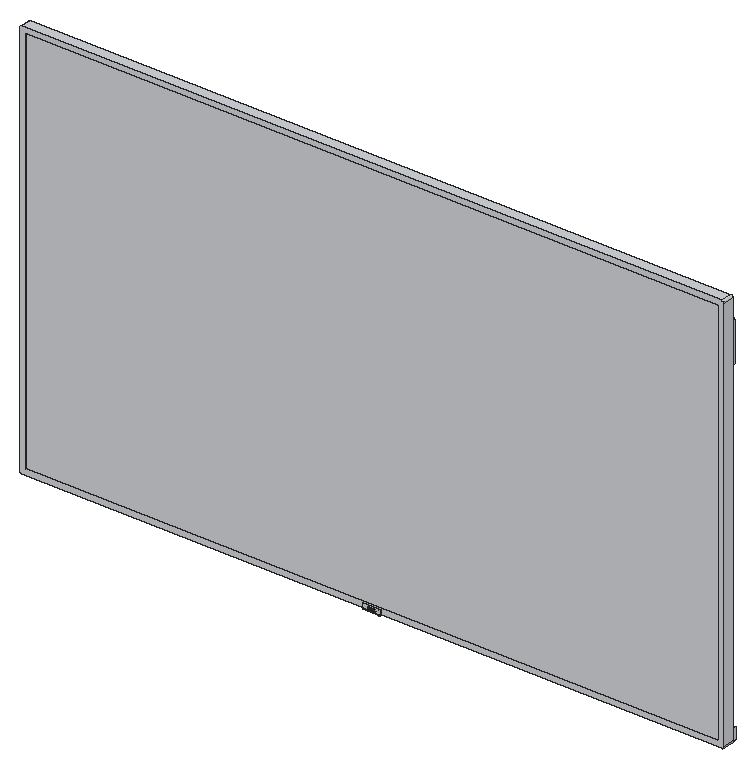
Revit family "V864Q (FINAL)", category Generic Models, Revit 2012
Parameters
  URL = "www.necdisplay.com"
  SENSORS- Temperature Sensor = "Integrated and programmable; linked to cooling fans"
  SENSORS- NFC Sensor = "Integrated; works in conjunction with free NEC Intelligent Wireless Data Application"
  SENSORS- Human Sensor = "Optional through KT-RC2 Accessory"
  SENSORS- Ambient Light Sensor = "Integrated and programmable"
  POWER CONSUMPTION- Speaker Rating = "Integrated 10W x 10W, Optional 15W x 2"
  POWER CONSUMPTION- On (Typ/Max Bightness/Overall Max) = "230W / 300W / 425W"
  POWER CONSUMPTION- Normal Standby = "0.5W"
  POWER CONSUMPTION- Network Standby = "2W"
  POWER CONSUMPTION- Current Rating = "5.0A @ 100V, 2.1A @ 240V"
  PHYSICAL SPECS- Vesa Hole Configuration = "8x M8 x 16mm (600 x 400, 400 x 400)"
  PHYSICAL SPECS- Net Weight (w/o Stand) = "127.2 lbs / 57.8 kg"
  PHYSICAL SPECS- Net Dimensions (w/o Stand, WxHxD) = "75.9 x 43.3 x 2.9 in. (1928.2 x 1099.2 x 74.3 mm)"
  PHYSICAL SPECS- Bezel Width (L/R, T/B) = "1530.0mm / 1530.0mm/ 1530.0mm/ 1530.0mm"
  Model = "C751Q"  # constant formula
  Manufacturer = "NEC Display Solutions"  # constant formula
  LCD MODULE- Contrast Ratio (Typical) = "1200:1 native, not included localized dimming"
  LCD MODULE- Viewing Angle = "178deg Vert., 178deg Hor (89U/89D/89L/89R) @ CR>10"
  LCD MODULE- Viewable Image Size = "86\""
  LCD MODULE- Panel Technology = "E-LED, S-IPS"
  LCD MODULE- Orientation = "Landscape and Portrait"
  LCD MODULE- Panel Haze (%) = "28"
  LCD MODULE- Native Resolution = "3840 x 2160"
  LCD MODULE- Displayable Colors = "Over 1.07 Billion"
  LCD MODULE- Brightness (Typical/Minimum) = "350 cd/sqm / 500 cd/sqm"
  LCD MODULE- Aspect Ratio = "16 : 9"
  ENVIRONMENTAL CONDITIONS- Operating Temperature = "0 to 40 C"
  ENVIRONMENTAL CONDITIONS- Operating Humidity = "20 - 80%"
  ENVIRONMENTAL CONDITIONS- Operating Altitude = "3000m (9843ft)"
  Description = "NEC Ultra High Definition Large Format Display"  # constant formula
  CONNECTIVITY- Output Terminals- External Control = "LAN (100mb)"
  CONNECTIVITY- Output Terminals- Digital = "DisplayPort (Outputs DisplayPort1 and OPS (1CH DisplayPort Only))"
  CONNECTIVITY- Output Terminals- Audio = "3.5mm Audio Mini Jack, External Speaker Jack x2"
  CONNECTIVITY- Input Terminals- External Control = "LAN (100Mbit), 3.5 Mini Jack IR Remote, RS232C"
  CONNECTIVITY- Input Terminals- Digital = "HDMI 2.0 x3 (with HDCP), DisplayPort 1.2 x2 (with HDCP)"
  CONNECTIVITY- Input Terminals- Data = "microSD (Media Player), USB 2.0 (Media Player), USB 2.0 (Service), USB Type-B\r\n(Upstream), USB 2.0 x2 (Compute Module, USB CM1 is Powered 5V/2A)"
  CONNECTIVITY- Input Terminals- Audio = "3.5mm Mini Jack , HDMI Audio x3, DisplayPort Audio x2"
  CONNECTIVITY- Input Terminals- Analog = "none"
Reference planes
  plane 1 "Center (Front/Back)": y = 0
  plane 2: z = 0
  plane 3 "Center (Left/Right)": x = 0
  plane 4: z = 1099.2
Forms (mm)
  Extrusion 1, solid
    sketch origin (0, 0, 0) x (1, 0, 0) y (0, 0, 1)
      loop
        line (-964.1, 1092.85) -> (-964.1, 6.35)
        arc (-964.1, 6.35) -> (-962.24, 1.86) -> (-957.75, 0) r 6.35
        line (-957.75, 0) -> (957.75, 0)
        arc (957.75, 0) -> (962.24, 1.86) -> (964.1, 6.35) r 6.35
        line (964.1, 6.35) -> (964.1, 1092.85)
        arc (964.1, 1092.85) -> (962.24, 1097.34) -> (957.75, 1099.2) r 6.35
        line (957.75, 1099.2) -> (-957.75, 1099.2)
        arc (-957.75, 1099.2) -> (-962.24, 1097.34) -> (-964.1, 1092.85) r 6.35
    from 52.5 to 82.8
  Extrusion 2, void
    sketch origin (0, 0, 0) x (1, 0, 0) y (0, 0, 1)
      loop
        line (-949.3, 14.8) -> (949.3, 14.8) -> (949.3, 1085.783) -> (-949.3, 1085.783) -> (-949.3, 14.8)
    from 79.882 to 113.336
  Extrusion 3, void
    sketch origin (0, -52.5, 0) x (1, 0, 0) y (0, 0, 1)
      loop
        circle (98.517, 260.526) r 4.65
      loop
        circle (-98.993, 260.526) r 4.65
      loop
        circle (-129.792, 466.837) r 4.65
      loop
        circle (129.317, 466.837) r 4.65
    from 0 to 20.692
  Blend 4, solid
    base sketch origin (0, -30.85, 616.982) x (0, 0, 1) y (1, 0, 0)
      loop
        arc (275.505, 669.037) -> (268.066, 686.997) -> (250.105, 694.437) r 25.4
        line (250.105, 694.437) -> (-461.518, 694.437)
        arc (-461.518, 694.437) -> (-479.479, 686.997) -> (-486.918, 669.037) r 25.4
        line (-486.918, 669.037) -> (-486.918, -669.037)
        arc (-486.918, -669.037) -> (-479.479, -686.997) -> (-461.518, -694.437) r 25.4
        line (-461.518, -694.437) -> (250.105, -694.437)
        arc (250.105, -694.437) -> (268.066, -686.997) -> (275.505, -669.037) r 25.4
        line (275.505, -669.037) -> (275.505, 669.037)
    top sketch origin (0, -30.85, 616.982) x (0, 0, 1) y (1, 0, 0)
      loop
        arc (175.973, 567.726) -> (172.253, 576.706) -> (163.273, 580.426) r 12.7
        line (163.273, 580.426) -> (-360.207, 580.426)
        arc (-360.207, 580.426) -> (-369.188, 576.706) -> (-372.907, 567.726) r 12.7
        line (-372.907, 567.726) -> (-372.907, -567.726)
        arc (-372.907, -567.726) -> (-369.188, -576.706) -> (-360.207, -580.426) r 12.7
        line (-360.207, -580.426) -> (163.273, -580.426)
        arc (163.273, -580.426) -> (172.253, -576.706) -> (175.973, -567.726) r 12.7
        line (175.973, -567.726) -> (175.973, 567.726)
    from -21.65 to 19.2
  Extrusion 5, solid
    sketch origin (124.06, -30.85, 616.982) x (0, 0, 1) y (1, 0, 0)
      loop
        spline (-533.312, 704.431) -> (-533.346, 704.953) -> (-533.448, 705.466) -> (-533.616, 705.961) -> (-533.848, 706.43) -> (-534.138, 706.865) -> (-534.483, 707.259) -> (-534.876, 707.604) -> (-535.311, 707.894) -> (-535.781, 708.126) -> (-536.276, 708.294) -> (-536.789, 708.396) -> (-537.311, 708.43)
        line (-537.311, 708.43) -> (-551.312, 708.43)
        spline (-551.312, 708.43) -> (-551.834, 708.396) -> (-552.348, 708.294) -> (-552.843, 708.126) -> (-553.312, 707.894) -> (-553.747, 707.604) -> (-554.14, 707.259) -> (-554.485, 706.865) -> (-554.776, 706.43) -> (-555.007, 705.961) -> (-555.175, 705.466) -> (-555.278, 704.953) -> (-555.312, 704.431)
        line (-555.312, 704.431) -> (-555.312, 542.429)
        spline (-555.312, 542.429) -> (-555.278, 541.907) -> (-555.175, 541.394) -> (-555.007, 540.899) -> (-554.776, 540.43) -> (-554.485, 539.995) -> (-554.14, 539.601) -> (-553.747, 539.256) -> (-553.312, 538.966) -> (-552.843, 538.734) -> (-552.348, 538.566) -> (-551.834, 538.464) -> (-551.312, 538.43)
        line (-551.312, 538.43) -> (-537.311, 538.43)
        spline (-537.311, 538.43) -> (-536.789, 538.464) -> (-536.276, 538.566) -> (-535.781, 538.734) -> (-535.311, 538.966) -> (-534.876, 539.256) -> (-534.483, 539.601) -> (-534.138, 539.995) -> (-533.848, 540.43) -> (-533.616, 540.899) -> (-533.448, 541.394) -> (-533.346, 541.907) -> (-533.312, 542.429)
        line (-533.312, 542.429) -> (-533.312, 704.431)
    from -21.65 to 37.2
  Extrusion 6, void
    sketch origin (77.783, 0, 0) x (1, 0, 0) y (0, 1, 0)
      loop
        line (576.137, -10.588) -> (670.723, -10.588)
        arc (670.723, -10.588) -> (682.054, -14.324) -> (688.941, -24.067) r 19.05
        line (688.941, -24.067) -> (696.925, -50.178) -> (714.756, -50.178) -> (714.756, 13.168) -> (530.606, 13.168) -> (530.606, -49.86) -> (550.033, -49.86) -> (557.919, -24.067)
        arc (557.919, -24.067) -> (564.805, -14.324) -> (576.137, -10.588) r 19.05
      loop
        arc (575, -18.588) -> (568.345, -21.26) -> (565.385, -27.792) r 9.624
        line (565.385, -27.792) -> (564.306, -52.5) -> (682.554, -52.5) -> (681.474, -27.773)
        arc (681.474, -27.773) -> (678.521, -21.254) -> (671.879, -18.588) r 9.604
        line (671.879, -18.588) -> (575, -18.588)
    from 52.047 to 91.346
  Extrusion 7, solid
    sketch origin (0, -30.85, 616.982) x (0, 0, 1) y (1, 0, 0)
      loop
        line (-616.982, 957.75) -> (-616.982, -957.75)
        arc (-616.982, -957.75) -> (-615.122, -962.24) -> (-610.632, -964.1) r 6.35
        line (-610.632, -964.1) -> (-580.582, -964.1) -> (-580.582, 964.1) -> (-610.632, 964.1)
        arc (-610.632, 964.1) -> (-615.122, 962.24) -> (-616.982, 957.75) r 6.35
    from -21.65 to -12.238
  Extrusion 8, solid
    sketch origin (123.5, 0, 0) x (0, 1, 0) y (0, 0, 1)
      loop
        line (-40.488, 7.62) -> (0, 7.62) -> (0, 139.12) -> (-50.488, 139.12) -> (-50.488, 41.42) -> (-40.488, 41.42) -> (-40.488, 7.62)
    from 733.99 to 757.99
  Extrusion 9, solid
    sketch origin (123.5, -30.85, 616.982) x (0, 0, 1) y (1, 0, 0)
      loop
        line (-493.862, 759.09) -> (-493.862, 758.09) -> (-477.362, 758.09) -> (-477.362, 733.89) -> (-493.862, 733.89) -> (-493.862, 732.89) -> (-477.366, 732.89)
        arc (-477.366, 732.89) -> (-476.656, 733.181) -> (-476.362, 733.89) r 1
        line (-476.362, 733.89) -> (-476.362, 758.09)
        arc (-476.362, 758.09) -> (-476.655, 758.797) -> (-477.362, 759.09) r 1
        line (-477.362, 759.09) -> (-493.862, 759.09)
    from -17.663 to 29.362
  Extrusion 10, solid
    sketch origin (123.5, -30.85, 616.982) x (0, 0, 1) y (1, 0, 0)
      loop
        line (-479.868, 772.29) -> (-554.068, 772.29)
        arc (-554.068, 772.29) -> (-555.475, 771.705) -> (-556.062, 770.297) r 2
        line (-556.062, 770.297) -> (-556.062, 757.99) -> (-477.862, 757.99) -> (-477.862, 770.294)
        arc (-477.862, 770.294) -> (-478.451, 771.708) -> (-479.868, 772.29) r 2
      loop
        line (-556.062, 733.99) -> (-556.062, 721.682)
        arc (-556.062, 721.682) -> (-555.47, 720.27) -> (-554.052, 719.69) r 2
        line (-554.052, 719.69) -> (-479.872, 719.69)
        arc (-479.872, 719.69) -> (-478.452, 720.271) -> (-477.862, 721.686) r 2
        line (-477.862, 721.686) -> (-477.862, 733.99) -> (-556.062, 733.99)
    from -21.65 to -19.328
  Blend 11, solid
    base sketch origin (0, -30.85, 616.982) x (0, 0, 1) y (1, 0, 0)
      loop
        line (-506.303, 247.422) -> (-506.303, 481.178)
        arc (-506.303, 481.178) -> (-510.023, 490.159) -> (-519.003, 493.878) r 12.7
        line (-519.003, 493.878) -> (-566.56, 493.878)
        arc (-566.56, 493.878) -> (-575.54, 490.159) -> (-579.26, 481.178) r 12.7
        line (-579.26, 481.178) -> (-579.26, 247.422)
        arc (-579.26, 247.422) -> (-575.54, 238.441) -> (-566.56, 234.722) r 12.7
        line (-566.56, 234.722) -> (-519.003, 234.722)
        arc (-519.003, 234.722) -> (-510.023, 238.441) -> (-506.303, 247.422) r 12.7
    top sketch origin (0, -30.85, 616.982) x (0, 0, 1) y (1, 0, 0)
      loop
        arc (-515.696, 480.9) -> (-516.749, 483.439) -> (-519.291, 484.486) r 3.586
        line (-519.291, 484.486) -> (-566.291, 484.486)
        arc (-566.291, 484.486) -> (-568.82, 483.432) -> (-569.868, 480.9) r 3.586
        line (-569.868, 480.9) -> (-569.868, 247.7)
        arc (-569.868, 247.7) -> (-568.82, 245.167) -> (-566.289, 244.114) r 3.586
        line (-566.289, 244.114) -> (-519.289, 244.114)
        arc (-519.289, 244.114) -> (-516.749, 245.162) -> (-515.696, 247.7) r 3.586
        line (-515.696, 247.7) -> (-515.696, 480.9)
    from -21.65 to -17.538
  Extrusion 12, void
    sketch origin (0, -48.388, 616.982) x (0, 0, -1) y (1, 0, 0)
      loop
        line (535.072, 454.142) -> (535.072, 370.429)
        arc (535.072, 370.429) -> (536.632, 366.661) -> (540.4, 365.1) r 5.329
        line (540.4, 365.1) -> (552.514, 365.1)
        arc (552.514, 365.1) -> (556.302, 366.669) -> (557.872, 370.458) r 5.358
        line (557.872, 370.458) -> (557.872, 454.142)
        arc (557.872, 454.142) -> (556.302, 457.931) -> (552.514, 459.5) r 5.358
        line (552.514, 459.5) -> (540.43, 459.5)
        arc (540.43, 459.5) -> (536.641, 457.931) -> (535.072, 454.142) r 5.358
    from 8.405 to -9.36
  Extrusion 13, solid
    sketch origin (0, -30.85, 616.982) x (0, 0, 1) y (1, 0, 0)
      loop
        circle (-546.072, 447.3) r 3.007
      loop
        circle (-546.072, 437.3) r 3.007
      loop
        circle (-546.072, 427.3) r 2.988
      loop
        circle (-546.072, 417.3) r 3.007
      loop
        circle (-546.072, 407.3) r 3.007
      loop
        circle (-546.072, 397.3) r 3.007
      loop
        circle (-546.072, 387.3) r 3.007
      loop
        circle (-546.072, 377.3) r 3.007
    from -25.943 to -21.65
  Extrusion 14, void
    sketch origin (0, -11.65, 616.982) x (0, 0, -1) y (1, 0, 0)
      loop
        circle (-62.818, 250) r 9.061
      loop
        circle (337.182, 250) r 9.061
      loop
        circle (337.182, -250) r 9.061
      loop
        circle (-62.818, -250) r 9.061
    from 19.092 to -9.003
  Extrusion 15, void
    sketch origin (0, -11.65, 616.982) x (0, 0, -1) y (1, 0, 0)
      loop
        line (87.181, 160) -> (7.182, 160) -> (7.182, 135.347)
        arc (7.182, 135.347) -> (9.14, 126.238) -> (14.666, 118.736) r 22.179
        line (14.666, 118.736) -> (66.585, 72.804) -> (7.183, 72.801) -> (7.182, 57.602) -> (87.181, 57.605) -> (87.181, 83.318)
        arc (87.181, 83.318) -> (85.068, 93.154) -> (79.102, 101.254) r 23.949
        line (79.102, 101.254) -> (29.882, 144.803) -> (87.181, 144.803) -> (87.181, 160)
      loop
        line (7.176, 44.324) -> (7.184, -50.238) -> (18.547, -50.238) -> (18.547, 11.044) -> (39.024, 11.044) -> (39.024, -44.639) -> (50.261, -44.639) -> (50.261, 11.044) -> (66.271, 11.043)
        arc (66.271, 11.043) -> (72.686, 8.386) -> (75.343, 1.972) r 9.071
        line (75.343, 1.972) -> (75.343, -51.038) -> (87.18, -51.038)
        arc (87.18, -51.038) -> (87.854, -20.076) -> (87.18, 10.886) r 711.698
        arc (87.18, 10.886) -> (86.368, 20.715) -> (84.794, 30.45) r 126.705
        arc (84.794, 30.45) -> (78.793, 40.413) -> (67.839, 44.324) r 17.297
        line (67.839, 44.324) -> (7.176, 44.324)
      loop
        line (6.274, -158.561) -> (17.847, -158.561)
        arc (17.847, -158.561) -> (14.707, -133.161) -> (17.847, -107.761) r 104.326
        arc (17.847, -107.761) -> (21.385, -100.831) -> (27.596, -96.143) r 17.356
        arc (27.596, -96.143) -> (47.876, -92.515) -> (67.497, -98.797) r 42.735
        arc (67.497, -98.797) -> (72.126, -103.307) -> (74.781, -109.2) r 17.329
        arc (74.781, -109.2) -> (77.788, -134.6) -> (74.781, -160) r 108.774
        line (74.781, -160) -> (87.688, -160)
        arc (87.688, -160) -> (90.325, -128.25) -> (87.688, -96.5) r 192.504
        arc (87.688, -96.5) -> (85.13, -86.108) -> (81.032, -76.221) r 70.717
        arc (81.032, -76.221) -> (50.091, -55.453) -> (16.231, -71.016) r 38.1
        arc (16.231, -71.016) -> (9.825, -82.447) -> (6.274, -95.061) r 55.568
        arc (6.274, -95.061) -> (3.789, -126.811) -> (6.274, -158.561) r 204.062
      loop
        line (64.716, 511.9) -> (64.716, 374.9)
        arc (64.716, 374.9) -> (67.986, 367.005) -> (75.882, 363.734) r 11.166
        line (75.882, 363.734) -> (209.382, 363.734)
        arc (209.382, 363.734) -> (217.277, 367.005) -> (220.547, 374.9) r 11.166
        line (220.547, 374.9) -> (220.547, 511.9)
        arc (220.547, 511.9) -> (217.277, 519.795) -> (209.382, 523.066) r 11.166
        line (209.382, 523.066) -> (75.882, 523.066)
        arc (75.882, 523.066) -> (67.986, 519.795) -> (64.716, 511.9) r 11.166
      loop
        line (220.816, 153.995) -> (220.816, 0.995)
        arc (220.816, 0.995) -> (222.507, -3.079) -> (226.582, -4.766) r 5.766
        line (226.582, -4.766) -> (332.582, -4.766)
        arc (332.582, -4.766) -> (336.659, -3.077) -> (338.347, 1) r 5.766
        line (338.347, 1) -> (338.347, 154)
        arc (338.347, 154) -> (336.659, 158.077) -> (332.582, 159.766) r 5.766
        line (332.582, 159.766) -> (226.582, 159.766)
        arc (226.582, 159.766) -> (222.503, 158.075) -> (220.816, 153.995) r 5.766
      loop
        line (147.182, -462.4) -> (147.182, -572.4) -> (297.182, -572.4) -> (297.182, -462.4) -> (147.182, -462.4)
      loop
        line (53.182, -517.4) -> (53.182, -572.4) -> (71.182, -572.4) -> (71.182, -517.4) -> (53.182, -517.4)
      loop
        line (81.182, -532.4) -> (81.182, -572.4) -> (103.182, -572.4) -> (103.182, -532.4) -> (81.182, -532.4)
      loop
        line (113.182, -523.4) -> (113.182, -572.4) -> (137.182, -572.4) -> (137.182, -523.4) -> (113.182, -523.4)
    from 0.816 to -6.572
  Extrusion 16, void
    sketch origin (0, -11.65, 616.982) x (0, 0, -1) y (1, 0, 0)
      loop
        line (56.232, 574.7) -> (324.032, 574.7) -> (324.032, 711.5) -> (56.232, 711.5) -> (56.232, 574.7)
    from 40.85 to -11.65
  Extrusion 17, solid
    sketch origin (123.5, -30.85, 747.411) x (0, 0, 1) y (1, 0, 0)
      loop
        line (291.962, 811.93) -> (129.445, 811.93)
        spline (129.445, 811.93) -> (128.923, 811.896) -> (128.41, 811.794) -> (127.915, 811.626) -> (127.446, 811.394) -> (127.011, 811.104) -> (126.617, 810.759) -> (126.272, 810.365) -> (125.982, 809.93) -> (125.75, 809.461) -> (125.582, 808.966) -> (125.48, 808.453) -> (125.446, 807.931)
        line (125.446, 807.931) -> (125.446, 793.929)
        spline (125.446, 793.929) -> (125.48, 793.407) -> (125.582, 792.894) -> (125.75, 792.399) -> (125.982, 791.93) -> (126.272, 791.495) -> (126.617, 791.101) -> (127.011, 790.756) -> (127.446, 790.466) -> (127.915, 790.234) -> (128.41, 790.066) -> (128.923, 789.964) -> (129.445, 789.93)
        line (129.445, 789.93) -> (291.962, 789.93)
        spline (291.962, 789.93) -> (292.485, 789.964) -> (292.998, 790.066) -> (293.493, 790.234) -> (293.962, 790.466) -> (294.397, 790.756) -> (294.791, 791.101) -> (295.135, 791.495) -> (295.426, 791.93) -> (295.657, 792.399) -> (295.826, 792.894) -> (295.928, 793.407) -> (295.962, 793.929)
        line (295.962, 793.929) -> (295.962, 807.931)
        spline (295.962, 807.931) -> (295.928, 808.453) -> (295.826, 808.966) -> (295.657, 809.461) -> (295.426, 809.93) -> (295.135, 810.365) -> (294.791, 810.759) -> (294.397, 811.104) -> (293.962, 811.394) -> (293.493, 811.626) -> (292.998, 811.794) -> (292.485, 811.896) -> (291.962, 811.93)
    from -21.65 to 25.85
  Extrusion 18, void
    sketch origin (935.43, -5, 1039.374) x (0, 1, 0) y (0, 0, -1)
      loop
        line (-5.588, 128.294) -> (-5.588, 32.82)
        arc (-5.588, 32.82) -> (-9.09, 22.2) -> (-18.224, 15.748) r 17.851
        line (-18.224, 15.748) -> (-44.488, 7.717) -> (-44.488, -7.283) -> (9.976, -7.283) -> (9.976, 184.284) -> (-44.488, 184.284) -> (-44.488, 154.284) -> (-19.067, 146.511)
        arc (-19.067, 146.511) -> (-9.324, 139.625) -> (-5.588, 128.294) r 19.05
      loop
        line (-47.5, 21.877) -> (-23.08, 22.943)
        arc (-23.08, 22.943) -> (-16.344, 25.993) -> (-13.588, 32.855) r 9.922
        line (-13.588, 32.855) -> (-13.588, 129.136)
        arc (-13.588, 129.136) -> (-16.345, 136.004) -> (-23.087, 139.059) r 9.932
        line (-23.087, 139.059) -> (-47.5, 140.124) -> (-47.5, 21.877)
    from 0 to 22
  Extrusion 19, solid
    sketch origin (-123.5, -30.85, 747.411) x (0, 0, 1) y (1, 0, 0)
      loop
        spline (291.962, -811.93) -> (292.485, -811.896) -> (292.998, -811.794) -> (293.493, -811.626) -> (293.962, -811.394) -> (294.397, -811.104) -> (294.791, -810.759) -> (295.135, -810.365) -> (295.426, -809.93) -> (295.657, -809.461) -> (295.826, -808.966) -> (295.928, -808.453) -> (295.962, -807.931)
        line (295.962, -807.931) -> (295.962, -793.929)
        spline (295.962, -793.929) -> (295.928, -793.407) -> (295.826, -792.894) -> (295.657, -792.399) -> (295.426, -791.93) -> (295.135, -791.495) -> (294.791, -791.101) -> (294.397, -790.756) -> (293.962, -790.466) -> (293.493, -790.234) -> (292.998, -790.066) -> (292.485, -789.964) -> (291.962, -789.93)
        line (291.962, -789.93) -> (129.445, -789.93)
        spline (129.445, -789.93) -> (128.923, -789.964) -> (128.41, -790.066) -> (127.915, -790.234) -> (127.446, -790.466) -> (127.011, -790.756) -> (126.617, -791.101) -> (126.272, -791.495) -> (125.982, -791.93) -> (125.75, -792.399) -> (125.582, -792.894) -> (125.48, -793.407) -> (125.446, -793.929)
        line (125.446, -793.929) -> (125.446, -807.931)
        spline (125.446, -807.931) -> (125.48, -808.453) -> (125.582, -808.966) -> (125.75, -809.461) -> (125.982, -809.93) -> (126.272, -810.365) -> (126.617, -810.759) -> (127.011, -811.104) -> (127.446, -811.394) -> (127.915, -811.626) -> (128.41, -811.794) -> (128.923, -811.896) -> (129.445, -811.93)
        line (129.445, -811.93) -> (291.962, -811.93)
    from -21.65 to 25.85
  Extrusion 20, void
    sketch origin (-935.43, -5, 876.857) x (0, 1, 0) y (0, 0, 1)
      loop
        arc (-5.588, 34.223) -> (-9.324, 22.892) -> (-19.067, 16.006) r 19.05
        line (-19.067, 16.006) -> (-44.488, 8.233) -> (-44.488, -21.767) -> (9.976, -21.767) -> (9.976, 169.8) -> (-44.488, 169.8) -> (-44.488, 154.8) -> (-18.224, 146.769)
        arc (-18.224, 146.769) -> (-9.09, 140.317) -> (-5.588, 129.697) r 17.851
        line (-5.588, 129.697) -> (-5.588, 34.223)
      loop
        line (-47.5, 140.64) -> (-47.5, 22.393) -> (-23.087, 23.459)
        arc (-23.087, 23.459) -> (-16.345, 26.513) -> (-13.588, 33.382) r 9.932
        line (-13.588, 33.382) -> (-13.588, 129.662)
        arc (-13.588, 129.662) -> (-16.344, 136.524) -> (-23.08, 139.574) r 9.922
        line (-23.08, 139.574) -> (-47.5, 140.64)
    from 0 to 22
  Extrusion 21, solid
    sketch origin (-124.06, -30.85, 616.982) x (0, 0, 1) y (1, 0, 0)
      loop
        line (-533.312, -704.431) -> (-533.312, -542.429)
        spline (-533.312, -542.429) -> (-533.346, -541.907) -> (-533.448, -541.394) -> (-533.616, -540.899) -> (-533.848, -540.43) -> (-534.138, -539.995) -> (-534.483, -539.601) -> (-534.876, -539.256) -> (-535.311, -538.966) -> (-535.781, -538.734) -> (-536.276, -538.566) -> (-536.789, -538.464) -> (-537.311, -538.43)
        line (-537.311, -538.43) -> (-551.312, -538.43)
        spline (-551.312, -538.43) -> (-551.834, -538.464) -> (-552.348, -538.566) -> (-552.843, -538.734) -> (-553.312, -538.966) -> (-553.747, -539.256) -> (-554.14, -539.601) -> (-554.485, -539.995) -> (-554.776, -540.43) -> (-555.007, -540.899) -> (-555.175, -541.394) -> (-555.278, -541.907) -> (-555.312, -542.429)
        line (-555.312, -542.429) -> (-555.312, -704.431)
        spline (-555.312, -704.431) -> (-555.278, -704.953) -> (-555.175, -705.466) -> (-555.007, -705.961) -> (-554.776, -706.43) -> (-554.485, -706.865) -> (-554.14, -707.259) -> (-553.747, -707.604) -> (-553.312, -707.894) -> (-552.843, -708.126) -> (-552.348, -708.294) -> (-551.834, -708.396) -> (-551.312, -708.43)
        line (-551.312, -708.43) -> (-537.311, -708.43)
        spline (-537.311, -708.43) -> (-536.789, -708.396) -> (-536.276, -708.294) -> (-535.781, -708.126) -> (-535.311, -707.894) -> (-534.876, -707.604) -> (-534.483, -707.259) -> (-534.138, -706.865) -> (-533.848, -706.43) -> (-533.616, -705.961) -> (-533.448, -705.466) -> (-533.346, -704.953) -> (-533.312, -704.431)
    from -21.65 to 37.2
  Extrusion 22, void
    sketch origin (-124.06, 0, 0) x (-1, 0, 0) y (0, -1, 0)
      loop
        arc (576.137, 10.588) -> (564.805, 14.324) -> (557.919, 24.067) r 19.05
        line (557.919, 24.067) -> (550.033, 49.86) -> (530.606, 49.86) -> (530.606, -13.168) -> (714.756, -13.168) -> (714.756, 50.178) -> (696.925, 50.178) -> (688.941, 24.067)
        arc (688.941, 24.067) -> (682.054, 14.324) -> (670.723, 10.588) r 19.05
        line (670.723, 10.588) -> (576.137, 10.588)
      loop
        line (575, 18.588) -> (671.879, 18.588)
        arc (671.879, 18.588) -> (678.521, 21.254) -> (681.474, 27.773) r 9.604
        line (681.474, 27.773) -> (682.554, 52.5) -> (564.306, 52.5) -> (565.385, 27.792)
        arc (565.385, 27.792) -> (568.345, 21.26) -> (575, 18.588) r 9.624
    from 52.047 to 91.346
  Extrusion 23, solid
    sketch origin (-123.5, 0, 0) x (0, 1, 0) y (0, 0, -1)
      loop
        line (-40.488, -7.62) -> (-40.488, -41.42) -> (-50.488, -41.42) -> (-50.488, -139.12) -> (0, -139.12) -> (0, -7.62) -> (-40.488, -7.62)
    from 733.99 to 757.99
  Extrusion 24, solid
    sketch origin (-123.5, -30.85, 616.982) x (0, 0, 1) y (1, 0, 0)
      loop
        line (-493.862, -759.09) -> (-477.362, -759.09)
        arc (-477.362, -759.09) -> (-476.655, -758.797) -> (-476.362, -758.09) r 1
        line (-476.362, -758.09) -> (-476.362, -733.89)
        arc (-476.362, -733.89) -> (-476.656, -733.181) -> (-477.366, -732.89) r 1
        line (-477.366, -732.89) -> (-493.862, -732.89) -> (-493.862, -733.89) -> (-477.362, -733.89) -> (-477.362, -758.09) -> (-493.862, -758.09) -> (-493.862, -759.09)
    from -17.663 to 29.362
  Extrusion 25, solid
    sketch origin (-123.5, -30.85, 616.982) x (0, 0, 1) y (1, 0, 0)
      loop
        arc (-479.868, -772.29) -> (-478.451, -771.708) -> (-477.862, -770.294) r 2
        line (-477.862, -770.294) -> (-477.862, -757.99) -> (-556.062, -757.99) -> (-556.062, -770.297)
        arc (-556.062, -770.297) -> (-555.475, -771.705) -> (-554.068, -772.29) r 2
        line (-554.068, -772.29) -> (-479.868, -772.29)
      loop
        line (-556.062, -733.99) -> (-477.862, -733.99) -> (-477.862, -721.686)
        arc (-477.862, -721.686) -> (-478.452, -720.271) -> (-479.872, -719.69) r 2
        line (-479.872, -719.69) -> (-554.052, -719.69)
        arc (-554.052, -719.69) -> (-555.47, -720.27) -> (-556.062, -721.682) r 2
        line (-556.062, -721.682) -> (-556.062, -733.99)
    from -21.65 to -19.328
  Extrusion 26, solid
    sketch origin (-0.023, 0, 0) x (1, 0, 0) y (0, 0, 1)
      loop
        line (-9.961, 2.001) -> (-9.007, 2.001) -> (-9.007, 5.547) -> (-6.275, 2.5)
        arc (-6.275, 2.5) -> (-5.769, 2.131) -> (-5.157, 2.001) r 1.502
        line (-5.157, 2.001) -> (-3.574, 2.001) -> (-3.574, 7) -> (-4.532, 7) -> (-4.532, 3.338) -> (-7.319, 6.429)
        arc (-7.319, 6.429) -> (-7.901, 6.851) -> (-8.603, 7) r 1.729
        line (-8.603, 7) -> (-9.961, 7) -> (-9.961, 2.001)
      loop
        line (-2.725, 7) -> (-2.725, 3.297)
        arc (-2.725, 3.297) -> (-2.326, 2.335) -> (-1.364, 1.937) r 1.36
        line (-1.364, 1.937) -> (3.249, 1.937) -> (3.249, 2.748) -> (-0.098, 2.748)
        arc (-0.098, 2.748) -> (-0.481, 2.907) -> (-0.64, 3.29) r 0.542
        line (-0.64, 3.29) -> (-0.64, 4.175) -> (2.839, 4.175) -> (2.839, 5.016) -> (-0.64, 5.016) -> (-0.64, 6.16) -> (3.178, 6.16) -> (3.178, 7) -> (-2.725, 7)
      loop
        arc (9.964, 7) -> (7.934, 7.2) -> (5.904, 7) r 10.398
        arc (5.904, 7) -> (5.347, 6.84) -> (4.824, 6.59) r 3.487
        arc (4.824, 6.59) -> (3.614, 4.234) -> (5.238, 2.141) r 2.465
        arc (5.238, 2.141) -> (5.626, 2.03) -> (6.025, 1.968) r 3.176
        arc (6.025, 1.968) -> (8.03, 1.836) -> (10.035, 1.968) r 15.265
        line (10.035, 1.968) -> (10.035, 2.882)
        arc (10.035, 2.882) -> (8.597, 2.624) -> (7.141, 2.747) r 5.618
        arc (7.141, 2.747) -> (5.683, 4.48) -> (6.989, 6.33) r 1.854
        arc (6.989, 6.33) -> (8.494, 6.507) -> (9.964, 6.138) r 4.19
        line (9.964, 6.138) -> (9.964, 7)
    from 83.703 to 83.988
  Extrusion 27, solid
    sketch origin (-0.023, 0, 0) x (0, 1, 0) y (0, 0, 1)
      loop
        arc (-83.703, -1.561) -> (-83.479, -2.102) -> (-82.938, -2.326) r 0.765
        line (-82.938, -2.326) -> (-56.991, -2.326) -> (-56.788, 0) -> (-82.901, 0) -> (-82.901, 11.557) -> (-83.703, 11.515) -> (-83.703, -1.561)
    from -24.915 to 24.96
Cuts and joins
  Extrusion 2, Extrusion 3, Extrusion 6, Extrusion 12, Extrusion 14, Extrusion 15, Extrusion 16, Extrusion 20, Extrusion 22 cuts Extrusion 1
  Extrusion 6, Extrusion 14, Extrusion 15, Extrusion 16 cuts Blend 4
  Extrusion 6, Extrusion 22 cuts Extrusion 5
  Extrusion 12 cuts Blend 11
  Extrusion 18 cuts Extrusion 17
  Extrusion 20 cuts Extrusion 19
  Extrusion 22 cuts Extrusion 21
Lines and regions (mm)
  reference lines
    curve 1: line (543.19, -30.85, 130.063) -> (1523.19, -30.85, 130.063)
Dimensions and locks
  cut or joined group 1 (Extrusion 1, Extrusion 2, Extrusion 3, Extrusion 6, Extrusion 12, Extrusion 14, Extrusion 15, Extrusion 16, Extrusion 20, Extrusion 22) to cut or joined group 1 = 1928.20 mm  (x2)
  level to cut or joined group 1 = 1099.20 mm
  aligned and locked: plane 2 to level
  aligned and locked: Extrusion 1 sketch curve to level
